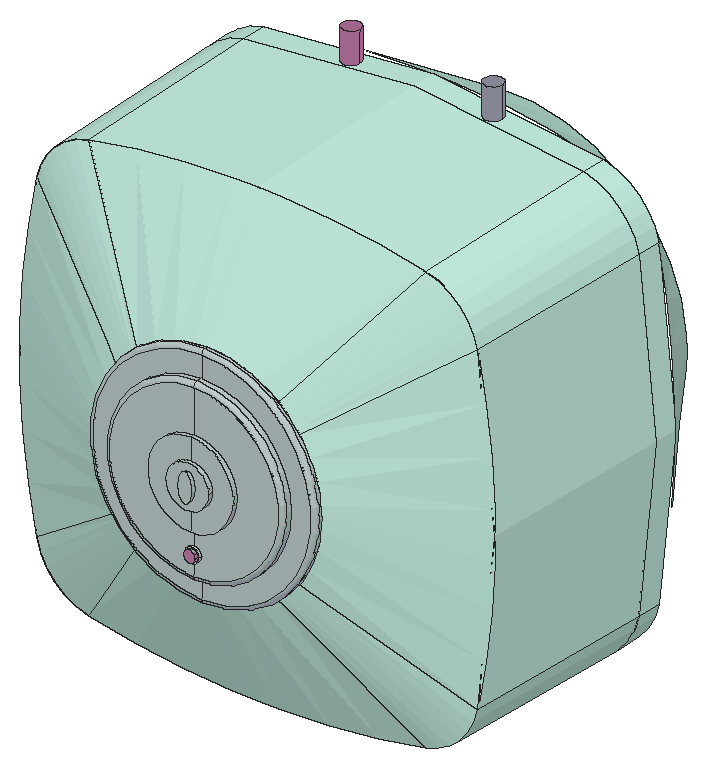
Revit family
Parameters (values of type "340 X 347 X 291")
  Wattage = 1500 W
  Hot Water Pipe Radius = Hot Water Pipe Diameter / 2  # 6.35 mm
  Hot Water Pipe Diameter = 12.7 mm
  Length D = 90 mm
  Heating Time (min) = "26"
  Heater Width = 330 mm
  Width = 347 mm
  URL = "http://www.autospec.co.za/browse.php?id=1660957480"
  Product Code = "FPRX-10-UB"
  OmniClass Title = ""
  OmniClass Number = ""
  Modspec Classification = ""
  Specification = ""
  Material = Galvanised Steel
  Weight (Kg) = "8.1"
  Location (revit room) = ""
  Model = "Prisma Storage Water Heater FPRX 10 UB"
  Manufacturer = "Kwikot"  # constant formula
  Length = 340 mm
  Electrical Supply = 230 V
  Depth = 291 mm
  Colour = none
  Cold Water Pipe Radius = Cold Water Pipe Diameter / 2  # 6.35 mm
  Cold Water Pipe Diameter = 12.7 mm
  Capacity (Litres) = 10.00 L
  Body Material = Green
  Body Finish = none
  Assembly Code = "D3010500"
Reference planes
  plane 1 "Center (Front/Back)": y = 0
  plane 2 "Bottom": z = 0
  plane 3 "Center (Left/Right)": x = 0
  plane 4: z = 165
  plane 5: z = -165
  plane 6: z = -182
  plane 7: x = -170
  plane 8: x = 170
  plane 9: y = 291
  plane 10: y = 201
  plane 11: y = 218.5
  plane 12: y = 20
  plane 13: y = 63.5
  plane 14: z = 182
Forms (mm)
  Extrusion 1, solid, material "Red"
    sketch origin (-583.163, -1524, 165) x (-1, 0, 0) y (0, -1, 0)
      loop
        circle (-533.163, -1732.5) r 6.35
    from -4.162 to 17
  Blend 2, solid, material "Green" <- "Body Material"
    base sketch origin (587.769, 201, 1200) x (1, 0, 0) y (0, 0, 1)
      loop
        arc (-745.961, -1314.084) -> (-732.328, -1339.247) -> (-707.127, -1352.811) r 50
        arc (-707.127, -1352.811) -> (-587.769, -1365) -> (-468.411, -1352.811) r 590.5
        arc (-468.411, -1352.811) -> (-443.211, -1339.247) -> (-429.578, -1314.084) r 50
        arc (-429.578, -1314.084) -> (-417.769, -1200) -> (-429.578, -1085.916) r 557
        arc (-429.578, -1085.916) -> (-443.211, -1060.753) -> (-468.411, -1047.189) r 50
        arc (-468.411, -1047.189) -> (-587.769, -1035) -> (-707.127, -1047.189) r 590.5
        arc (-707.127, -1047.189) -> (-732.328, -1060.753) -> (-745.961, -1085.916) r 50
        arc (-745.961, -1085.916) -> (-757.769, -1200) -> (-745.961, -1314.084) r 557
    top sketch origin (587.769, 201, 1200) x (1, 0, 0) y (0, 0, 1)
      loop
        arc (-743.025, -1086.53) -> (-754.769, -1200) -> (-743.025, -1313.47) r 554
        arc (-743.025, -1313.47) -> (-730.209, -1337.123) -> (-706.521, -1349.873) r 47
        arc (-706.521, -1349.873) -> (-587.769, -1362) -> (-469.018, -1349.873) r 587.5
        arc (-469.018, -1349.873) -> (-445.33, -1337.123) -> (-432.514, -1313.47) r 47
        arc (-432.514, -1313.47) -> (-420.769, -1200) -> (-432.514, -1086.53) r 554
        arc (-432.514, -1086.53) -> (-445.33, -1062.877) -> (-469.018, -1050.127) r 47
        arc (-469.018, -1050.127) -> (-587.769, -1038) -> (-706.521, -1050.127) r 587.5
        arc (-706.521, -1050.127) -> (-730.209, -1062.877) -> (-743.025, -1086.53) r 47
    from 0 to 137.5
  Blend 3, solid, material "Green" <- "Body Material"
    base sketch origin (0, 218.5, 528.983) x (0, 0, 1) y (-1, 0, 0)
      loop
        arc (-414.899, -158.192) -> (-389.736, -144.558) -> (-376.172, -119.358) r 50
        arc (-376.172, -119.358) -> (-363.983, 0) -> (-376.172, 119.358) r 590.5
        arc (-376.172, 119.358) -> (-389.736, 144.558) -> (-414.899, 158.192) r 50
        arc (-414.899, 158.192) -> (-528.983, 170) -> (-643.068, 158.192) r 557
        arc (-643.068, 158.192) -> (-668.23, 144.558) -> (-681.795, 119.358) r 50
        arc (-681.795, 119.358) -> (-693.983, 0) -> (-681.795, -119.358) r 590.5
        arc (-681.795, -119.358) -> (-668.23, -144.558) -> (-643.068, -158.192) r 50
        arc (-643.068, -158.192) -> (-528.983, -170) -> (-414.899, -158.192) r 557
    top sketch origin (0, 218.5, 528.983) x (0, 0, 1) y (-1, 0, 0)
      loop
        arc (-434.929, 74.524) -> (-445.798, 86.488) -> (-458.176, 96.883) r 120
        arc (-458.176, 96.883) -> (-528.983, 120) -> (-599.791, 96.883) r 120
        arc (-599.791, 96.883) -> (-612.169, 86.488) -> (-623.038, 74.524) r 120
        arc (-623.038, 74.524) -> (-648.983, 0) -> (-623.038, -74.524) r 120
        arc (-623.038, -74.524) -> (-612.169, -86.488) -> (-599.791, -96.883) r 120
        arc (-599.791, -96.883) -> (-528.983, -120) -> (-458.176, -96.883) r 120
        arc (-458.176, -96.883) -> (-445.798, -86.488) -> (-434.929, -74.524) r 120
        arc (-434.929, -74.524) -> (-408.983, 0) -> (-434.929, 74.524) r 120
    from 0 to -72.5
  Extrusion 4, solid, material "Green" <- "Body Material"
    sketch origin (587.769, 201, 1200) x (1, 0, 0) y (0, 0, 1)
      loop
        arc (-429.578, -1314.084) -> (-417.769, -1200) -> (-429.578, -1085.916) r 557
        arc (-429.578, -1085.916) -> (-443.211, -1060.753) -> (-468.411, -1047.189) r 50
        arc (-468.411, -1047.189) -> (-587.769, -1035) -> (-707.127, -1047.189) r 590.5
        arc (-707.127, -1047.189) -> (-732.328, -1060.753) -> (-745.961, -1085.916) r 50
        arc (-745.961, -1085.916) -> (-757.769, -1200) -> (-745.961, -1314.084) r 557
        arc (-745.961, -1314.084) -> (-732.328, -1339.247) -> (-707.127, -1352.811) r 50
        arc (-707.127, -1352.811) -> (-587.769, -1365) -> (-468.411, -1352.811) r 590.5
        arc (-468.411, -1352.811) -> (-443.211, -1339.247) -> (-429.578, -1314.084) r 50
    from 0 to -17.5
  Blend 5, solid, material "Green" <- "Body Material"
    base sketch origin (0, 63.5, 1442.37) x (0, 0, 1) y (-1, 0, 0)
      loop
        arc (-1555.84, 155.255) -> (-1579.486, 142.45) -> (-1592.244, 118.78) r 47.007
        arc (-1592.244, 118.78) -> (-1604.418, 0) -> (-1592.244, -118.78) r 585.547
        arc (-1592.244, -118.78) -> (-1579.486, -142.45) -> (-1555.84, -155.255) r 47.007
        arc (-1555.84, -155.255) -> (-1442.37, -166.998) -> (-1328.901, -155.255) r 554.084
        arc (-1328.901, -155.255) -> (-1305.255, -142.45) -> (-1292.497, -118.78) r 47.007
        arc (-1292.497, -118.78) -> (-1280.323, 0) -> (-1292.497, 118.78) r 585.547
        arc (-1292.497, 118.78) -> (-1305.255, 142.45) -> (-1328.901, 155.255) r 47.007
        arc (-1328.901, 155.255) -> (-1442.37, 166.998) -> (-1555.84, 155.255) r 554.084
    top sketch origin (0, 63.5, 1442.37) x (0, 0, 1) y (-1, 0, 0)
      loop
        arc (-1395.165, 64.588) -> (-1442.37, 80) -> (-1489.576, 64.588) r 80
        arc (-1489.576, 64.588) -> (-1497.824, 57.662) -> (-1505.068, 49.69) r 80
        arc (-1505.068, 49.69) -> (-1522.37, 0) -> (-1505.068, -49.69) r 80
        arc (-1505.068, -49.69) -> (-1497.824, -57.662) -> (-1489.576, -64.588) r 80
        arc (-1489.576, -64.588) -> (-1442.37, -80) -> (-1395.165, -64.588) r 80
        arc (-1395.165, -64.588) -> (-1386.917, -57.662) -> (-1379.673, -49.69) r 80
        arc (-1379.673, -49.69) -> (-1362.37, 0) -> (-1379.673, 49.69) r 80
        arc (-1379.673, 49.69) -> (-1386.917, 57.662) -> (-1395.165, 64.588) r 80
    from 0 to 43.5
  Revolve 6, solid, material "Gray"
    sketch origin (0, 0, 0) x (0, 1, 0) y (0, 0, 1)
      loop
        line (15, 0) -> (15, 62.5) -> (11, 62.5)
        arc (11, 62.5) -> (8.879, 61.621) -> (8, 59.5) r 3
        line (8, 59.5) -> (8, 30) -> (5, 30) -> (5, 0) -> (15, 0)
      axis (15, 0) -> (5, 0)
    angle from 0 to 360
  Extrusion 7, solid, material "Blue"
    sketch origin (-583.163, -1524, 165) x (-1, 0, 0) y (0, -1, 0)
      loop
        circle (-633.163, -1732.5) r 6.35
    from -4.2 to 17
  Extrusion 8, solid, material "Gray"
    sketch origin (0, 0, 0) x (1, 0, 0) y (0, 0, 1)
      loop
        circle (0, -45) r 5
    from -6 to -8
  Revolve 9, solid, material "Gray"
    sketch origin (0, 0, 0) x (0, 1, 0) y (0, 0, 1)
      loop
        line (20, 0) -> (20, 80) -> (18, 80)
        arc (18, 80) -> (15.879, 79.121) -> (15, 77) r 3
        line (15, 77) -> (15, 0) -> (20, 0)
      axis (20, 0) -> (15, 0)
    angle from 0 to 360
  Extrusion 10, solid, material "Gray"
    sketch origin (0, 0, 0) x (1, 0, 0) y (0, 0, 1)
      loop
        circle (0, 0) r 15
    from -2 to -5
  Extrusion 11, solid, material "Gray"
    sketch origin (0, 0, 0) x (1, 0, 0) y (0, 0, 1)
      loop
        spline (0, -10) -> (1.294, -9.659) -> (2.5, -8.66) -> (3.536, -7.071) -> (4.33, -5) -> (4.83, -2.588) -> (5, 0) -> (4.83, 2.588) -> (4.33, 5) -> (3.536, 7.071) -> (2.5, 8.66) -> (1.294, 9.659) -> (0, 10)
        spline (0, 10) -> (-1.294, 9.659) -> (-2.5, 8.66) -> (-3.536, 7.071) -> (-4.33, 5) -> (-4.83, 2.588) -> (-5, 0) -> (-4.83, -2.588) -> (-4.33, -5) -> (-3.536, -7.071) -> (-2.5, -8.66) -> (-1.294, -9.659) -> (0, -10)
    from 0 to -2
  Extrusion 12, solid, material "Yellow"
    sketch origin (0, 0, 0) x (1, 0, 0) y (0, 0, 1)
      loop
        circle (0, -45) r 4
    from -4 to -6
  Extrusion 13, solid
    sketch origin (-170, -1524, -438.75) x (0, 0, -1) y (0, -1, 0)
      loop
        circle (-438.75, -1657.777) r 20
    from 0 to 3
Cuts and joins
  joined: Blend 2, Blend 3, Extrusion 4
Lines and regions (mm)
  symbolic lines
    curve 1: line (120, 291, -165) -> (-120, 291, -165)
    curve 2: line (-167, 63.501, -165) -> (-170, 201, -165)
    curve 3: line (-170, 201, -165) -> (-170, 218.5, -165)
    curve 4: line (-170, 218.5, -165) -> (-120, 291, -165)
    curve 5: line (120, 291, -165) -> (170, 218.5, -165)
    curve 6: line (170, 218.5, -165) -> (170, 201, -165)
    curve 7: line (170, 201, -165) -> (167, 63.501, -165)
    curve 8: line (-170, 218.5, -165) -> (170, 218.5, -165)
    curve 9: line (-170, 201, -165) -> (170, 201, -165)
    curve 10: line (-167, 63.501, -165) -> (167, 63.501, -165)
    curve 11: arc (-56.35, 208.5, -165) -> (-50, 202.15, -165) -> (-43.65, 208.5, -165) r 6.35
    curve 12: arc (-43.65, 208.5, -165) -> (-50, 214.85, -165) -> (-56.35, 208.5, -165) r 6.35
    curve 15: line (-167, 63.5, 0) -> (-80, 20, 0)
    curve 16: line (-80, 20, 0) -> (80, 20, 0)
    curve 17: line (80, 20, 0) -> (167, 63.501, 0)
    curve 18: line (-80, 20, 0) -> (-80, 18, 0)
    curve 19: line (-77, 15, 0) -> (77, 15, 0)
    curve 20: line (80, 18, 0) -> (80, 20, 0)
    curve 21: arc (77, 15, 0) -> (79.121, 15.879, 0) -> (80, 18, 0) r 3
    curve 22: arc (-77, 15, 0) -> (-79.121, 15.879, 0) -> (-80, 18, 0) r 3
    curve 23: line (-62.522, 15, 0) -> (-62.522, 11.039, 0)
    curve 24: line (-59.522, 8.039, 0) -> (59.478, 8.039, 0)
    curve 25: line (62.478, 11.039, 0) -> (62.478, 15, 0)
    curve 26: line (-30, 8.039, 0) -> (-30, 5.037, 0)
    curve 27: line (-30, 5.037, 0) -> (30, 5.037, 0)
    curve 28: line (30, 5.037, 0) -> (30, 8.039, 0)
    curve 29: line (-15, 5.037, 0) -> (-15, 2, 0)
    curve 30: line (-15, 2, 0) -> (15, 2, 0)
    curve 31: line (15, 2, 0) -> (15, 5.037, 0)
    curve 32: line (-5, 2, 0) -> (-5, 0, 0)
    curve 33: line (-5, 0, 0) -> (5, 0, 0)
    curve 34: line (5, 0, 0) -> (5, 2, 0)
    curve 35: arc (-59.522, 8.039, 0) -> (-61.643, 8.918, 0) -> (-62.522, 11.039, 0) r 3
    curve 36: arc (59.478, 8.039, 0) -> (61.6, 8.918, 0) -> (62.478, 11.039, 0) r 3
  symbolic lines, detail levels medium+fine
    curve 13: arc (43.65, 208.5, -165) -> (50, 202.15, -165) -> (56.35, 208.5, -165) r 6.35
    curve 14: arc (56.35, 208.5, -165) -> (50, 214.85, -165) -> (43.65, 208.5, -165) r 6.35
Dimensions and locks
  "Heater Width": plane 4 to plane 5
  "Length": plane 7 to plane 8
  equal spacing: plane 7, plane 3 "Center (Left/Right)", plane 8
  equal spacing: plane 4, level, plane 5
  "Depth": plane 9 to plane 1 "Center (Front/Back)"
  Extrusion 1 sketch curve to plane 3 "Center (Left/Right)" = 50 mm
  "Length D": plane 9 to plane 10
  "Width": plane 14 to plane 5
  plane 3 "Center (Left/Right)" to Extrusion 7 sketch curve = 50 mm
  Extrusion 7 sketch curve to plane 9 = 82.5 mm
  Extrusion 1 sketch curve to plane 9 = 82.5 mm
  "Hot Water Pipe Radius": radius of Extrusion 1 sketch curve
  "Cold Water Pipe Radius": radius of Extrusion 7 sketch curve
  radius of Extrusion 10 sketch curve = 15 mm
  aligned and locked: plane 2 "Bottom" to level
  aligned: Extrusion 1 to plane 6
  aligned and locked: Blend 3 sketch curve to Blend 2  (x8)
  aligned and locked: Extrusion 4 sketch curve to Blend 3  (x8)
  aligned and locked: plane 13 to Blend 2
  aligned and locked: Blend 3 to plane 9
  aligned and locked: plane 11 to cut or joined group of Blend 2, Blend 3, Extrusion 4
  aligned and locked: cut or joined group of Blend 2, Blend 3, Extrusion 4 to plane 11
  aligned and locked: plane 10 to cut or joined group of Blend 2, Blend 3, Extrusion 4
  aligned and locked: cut or joined group of Blend 2, Blend 3, Extrusion 4 to plane 10
  aligned: cut or joined group of Blend 2, Blend 3, Extrusion 4 to plane 13
  aligned: plane 12 to cut or joined group of Blend 2, Blend 3, Extrusion 4
  aligned and locked: curve 1 to cut or joined group of Blend 2, Blend 3, Extrusion 4
  aligned and locked: plane 14 to Extrusion 1
  aligned and locked: plane 2 "Bottom" to Revolve 6 sketch curve
  aligned and locked: Extrusion 8 to Revolve 6
  aligned and locked: plane 2 "Bottom" to Revolve 9 sketch curve  (x2)
  aligned and locked: Revolve 9 sketch curve to Blend 5
  aligned and locked: Extrusion 10 to Revolve 6
  aligned and locked: Extrusion 11 to Extrusion 10
Automatic sketch dimensions
  Blend 2 sketch curve to level = 0 mm  (x4)
  Blend 2 sketch curve to plane 3 "Center (Left/Right)" = 0 mm  (x4)
  Blend 2 sketch curve to plane 4 = 12.189 mm  (x2)
  Blend 2 sketch curve to Blend 2 sketch curve = 10.107 mm  (x4)
  plane 5 to Blend 2 sketch curve = 12.189 mm  (x2)
  Blend 2 sketch curve to Blend 2 sketch curve = 0 mm  (x12)
  Blend 2 sketch curve to plane 7 = 11.808 mm
  Blend 2 sketch curve to Blend 2 sketch curve = 48.94 mm  (x2)
  plane 7 to Blend 2 sketch curve = 217 mm  (x2)
  plane 8 to Blend 2 sketch curve = 60.748 mm  (x2)
  plane 8 to Blend 2 sketch curve = 11.808 mm
  Blend 2 sketch curve to plane 4 = 15.127 mm  (x2)
  Blend 2 sketch curve to Blend 2 sketch curve = 9.5 mm  (x4)
  plane 5 to Blend 2 sketch curve = 15.127 mm  (x2)
  Blend 2 sketch curve to plane 7 = 14.745 mm  (x2)
  plane 8 to Blend 2 sketch curve = 14.745 mm
  Blend 2 sketch curve to Blend 2 sketch curve = 46.004 mm
  Blend 3 sketch curve to Blend 3 sketch curve = 0 mm  (x56)
  Blend 3 sketch curve to level = 0 mm
  Blend 3 sketch curve to plane 3 "Center (Left/Right)" = 0 mm
  Blend 3 sketch curve to level = 70.808 mm  (x2)
  Blend 3 sketch curve to Blend 3 sketch curve = 23.247 mm  (x4)
  level to Blend 3 sketch curve = 70.808 mm  (x2)
  plane 3 "Center (Left/Right)" to Blend 3 sketch curve = 74.524 mm
  Blend 5 sketch curve to plane 3 "Center (Left/Right)" = 0 mm  (x3)
  Blend 5 sketch curve to level = 0 mm  (x3)
  plane 5 to Blend 5 sketch curve = 61.157 mm  (x2)
  plane 8 to Blend 5 sketch curve = 14.745 mm
  Blend 5 sketch curve to Blend 5 sketch curve = 9.627 mm  (x4)
  Blend 5 sketch curve to plane 7 = 14.745 mm
  Blend 5 sketch curve to Blend 5 sketch curve = 0 mm  (x19)
  plane 5 to Blend 5 sketch curve = 15.127 mm
  Blend 5 sketch curve to Blend 5 sketch curve = 46.03 mm
  Blend 5 sketch curve to plane 6 = 241.5 mm
  Blend 5 sketch curve to plane 4 = 61.157 mm  (x2)
  Blend 5 sketch curve to plane 4 = 15.127 mm
  Revolve 6 sketch curve to level = 0 mm
  plane 1 "Center (Front/Back)" to Revolve 6 sketch curve = 7.054 mm
  Revolve 6 sketch curve to plane 1 "Center (Front/Back)" = 5 mm
  Revolve 6 sketch curve to Revolve 6 sketch curve = 3 mm  (x2)
  Revolve 6 sketch curve to Revolve 6 sketch curve = 4 mm
  Revolve 6 sketch curve to plane 12 = 17.946 mm
  Revolve 6 sketch curve to Revolve 6 sketch curve = 30 mm
  Revolve 6 sketch curve to Revolve 6 sketch curve = 29.5 mm
  Extrusion 8 sketch curve to plane 3 "Center (Left/Right)" = 0 mm
  curve 6 to plane 8 = 0 mm
  plane 9 to curve 1 = 0 mm
  curve 3 to plane 7 = 0 mm
  plane 11 to curve 4 = 0 mm
  plane 10 to curve 3 = 0 mm
  curve 7 to plane 13 = 0.001 mm
  plane 8 to curve 7 = 3 mm
  plane 8 to curve 1 = 50 mm
  curve 14 to plane 10 = 7.5 mm
  plane 3 "Center (Left/Right)" to curve 14 = 56.35 mm
  curve 13 to curve 14 = 6.35 mm
  curve 11 to plane 10 = 7.5 mm
  curve 11 to plane 3 "Center (Left/Right)" = 43.65 mm
  curve 11 to curve 12 = 6.35 mm
  curve 1 to plane 7 = 50 mm
  curve 2 to plane 7 = 3 mm
  Blend 5 sketch curve to plane 3 "Center (Left/Right)" = 49.69 mm
  Blend 5 sketch curve to Blend 5 sketch curve = 15.492 mm  (x4)
  level to Blend 5 sketch curve = 47.205 mm  (x2)
  Blend 5 sketch curve to level = 47.205 mm  (x2)
  plane 12 to Revolve 9 sketch curve = 2 mm
  plane 12 to Revolve 9 sketch curve = 5 mm
  plane 1 "Center (Front/Back)" to Revolve 9 sketch curve = 30 mm
  Revolve 9 sketch curve to plane 13 = 11.5 mm
  level to Revolve 9 sketch curve = 77 mm
  Extrusion 10 sketch curve to level = 0 mm
  Extrusion 10 sketch curve to plane 3 "Center (Left/Right)" = 0 mm
  Extrusion 11 sketch curve to plane 3 "Center (Left/Right)" = 0 mm
  Extrusion 11 sketch curve to level = 0 mm
  Extrusion 11 sketch curve to level = 10 mm
  Extrusion 8 sketch curve to level = 45 mm
  plane 13 to curve 15 = 0 mm
  plane 12 to curve 15 = 0 mm
  plane 1 "Center (Front/Back)" to curve 33 = 0 mm
  curve 15 to plane 7 = 3 mm
  curve 15 to plane 3 "Center (Left/Right)" = 80 mm
  curve 22 to curve 22 = 3 mm
  curve 19 to curve 23 = 14.478 mm
  curve 35 to curve 35 = 3 mm
  curve 26 to plane 1 "Center (Front/Back)" = 5.037 mm
  curve 24 to curve 26 = 29.522 mm
  curve 30 to plane 1 "Center (Front/Back)" = 2 mm
  curve 30 to plane 3 "Center (Left/Right)" = 15 mm
  curve 33 to plane 3 "Center (Left/Right)" = 5 mm
  plane 3 "Center (Left/Right)" to curve 34 = 5 mm
  curve 34 to curve 30 = 10 mm
  curve 31 to curve 28 = 15 mm
  curve 28 to curve 36 = 29.478 mm
  curve 36 to curve 25 = 3 mm
  plane 12 to curve 21 = 2 mm
  curve 25 to curve 21 = 14.522 mm
  curve 21 to curve 17 = 3 mm
  curve 17 to plane 13 = 0.001 mm
  plane 8 to curve 17 = 3 mm
  curve 26 to curve 26 = 3.002 mm
  Extrusion 12 sketch curve to plane 3 "Center (Left/Right)" = 0 mm
  Extrusion 12 sketch curve to plane 3 "Center (Left/Right)" = 4 mm
  Extrusion 12 sketch curve to level = 45 mm
  Extrusion 13 sketch curve to level = 0 mm
  plane 10 to Extrusion 13 sketch curve = 67.223 mm
  radius of Extrusion 8 sketch curve = 5 mm
  radius of Extrusion 13 sketch curve = 20 mm
Connectors
  piping at (-50, 208.5, 182), driven by "Hot Water Pipe Radius"
    settings: on cut or joined group of Blend 2, Blend 3, Extrusion 4, index 1, connector radius 6.35 mm, flow factor 0, pipe flow 0.0 L/s, pressure drop 0 kPa, fitting loss kfactor 0, connector angle 0.00°, fixture units 0, flow configuration 0, flow direction 2, fitting loss method 0, system type 19, connector reference index -1, connector utility 0, adjustable connector no, is connector primary no, fitting loss table "", connector description "Outlet Pipe Connector"
  piping at (50, 208.5, 182), driven by "Cold Water Pipe Radius"
    settings: on Extrusion 7, index 2, connector radius 6.35 mm, flow factor 0, pipe flow 0.0 L/s, pressure drop 0 kPa, fitting loss kfactor 0, connector angle 0.00°, fixture units 0, flow configuration 0, flow direction 1, fitting loss method 0, system type 20, connector reference index -1, connector utility 0, adjustable connector no, is connector primary yes, fitting loss table "", connector description "Inlet Pipe Connector"
  electrical at (-173, 133.777, 0), driven by "Electrical Supply", driven by "Wattage"
    settings: on Extrusion 13, index 3, voltage 230 V, apparent load 0 kW, apparent load phase1 1.5 kW, apparent load phase2 0 kW, apparent load phase3 0 kW, power factor 1, load classification "Other", number of poles 1, system type 31, power factor state 1, is connector primary yes, connector utility no, sub classification motor no, connector description "Electrical Connector"
